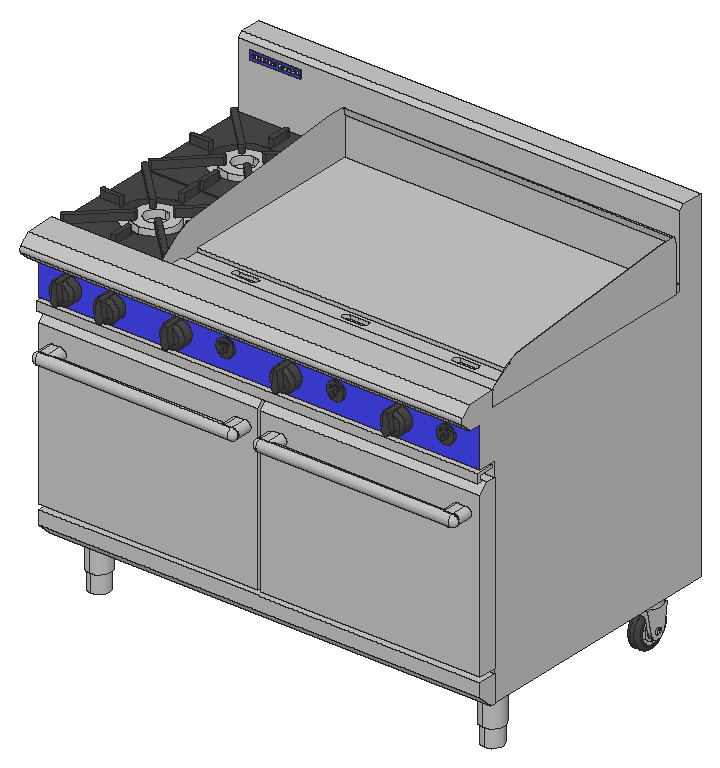
Revit family "QF_MOFFAT_BLUESEAL_CE_G528A", category Specialty Equipment, Revit 2012
Parameters
  Width = 1200 mm
  Weight in Pounds = 664  # constant formula
  URL Cutsheet = "www.moffat.com"
  URL = "www.moffat.com"
  Type Mark [instance] = ""
  Status [instance] = ""
  Specification by User [instance] = ""
  Specification by Manufacturer = ""
  Show Logo [instance] = yes
  Show Clearance [instance] = yes
  Show Casters [instance] = yes
  Serial Number = ""
  Seismic Rating = ""
  SMACNA No = ""
  Revision Code [instance] = ""
  Omniclass Number and Title = ""
  NAFEM Spec ID Number = ""
  Model = "G528A"
  Mechanical Remarks = ""
  Mechanical Connection Type [instance] = ""
  Masterspec = ""
  Manufacturer = "MOFFAT BLUESEAL"
  Legs [instance] = not(Show Casters)  # no
  Item Number [instance] = ""
  Installed By [instance] = ""
  Identify Quantity as Lot [instance] = yes
  Height = 970 mm
  Gas Size = 3/4"
  Gas RI Height [instance] = 0 mm
  Gas KW [instance] = 45.2
  Gas Input [instance] = 154000.0 Btu/h
  Gas Connection Height = 0 mm
  Furnished By [instance] = ""
  Foodservice Equipment Identifier [instance] = yes
  Description = "1200MM GAS RANGE WITH DOUBLE STATIC OVENS"
  Depth = 812 mm
  CSI MasterFormat = ""
  CSI Master Format = ""
  Body Finish = QF_Finishes_Stainless Steel
Reference planes
  plane 1 "BACK": y = 0
  plane 2: z = 0
  plane 3 "LEFT": x = 0
  plane 4 "RIGHT": x = 1200
  plane 5 "FRONT": y = -812
  plane 6 "TOP": z = 970
  plane 7 "Center Y": x = 600
  plane 8 "Center X": y = -406
  plane 9: y = -805
  plane 10: y = -32
  plane 11: z = 655
  plane 12: z = 1085
  plane 13: y = -100
  plane 14: y = -625
  plane 15: x = 1134.5
  plane 16: x = 65.5
Forms (mm)
  Extrusion 1, solid, material "QF_Finishes_Stainless Steel" <- "Body Finish"
    sketch origin (0, 0, 0) x (0, 1, 0) y (0, 0, 1)
      loop
        line (0, 150) -> (0, 1085) -> (-57.5, 1085) -> (-70, 1072.5) -> (-70, 875) -> (-705, 875) -> (-705, 915) -> (-783.97, 915) -> (-808.485, 890.485)
        arc (-808.485, 890.485) -> (-811.999, 882) -> (-808.485, 873.515) r 12
        line (-808.485, 873.515) -> (-784.97, 850) -> (-749, 850) -> (-749, 740) -> (-699, 740) -> (-699, 150) -> (0, 150)
      loop
        line (-756, 710) -> (-747.224, 710) -> (-749.613, 726.999) -> (-707.93, 726.999) -> (-707.93, 734.003) -> (-756, 734.003) -> (-756, 710)
      loop
        line (-749, 186) -> (-713, 150) -> (-700, 150) -> (-700, 222.5) -> (-749, 222.5) -> (-749, 186)
    from 0 to 1200
  Extrusion 2, solid, material "QF_Finishes_Stainless Steel"
    sketch origin (0, 0, 0) x (0, 1, 0) y (0, 0, 1)
      loop
        line (-749, 676) -> (-749, 235) -> (-700, 235) -> (-700, 700) -> (-725, 700) -> (-749, 676)
    from 0 to 1200
  Revolve 3, solid, material "QF_Finishes_Stainless Steel" <- "Body Finish"
    sketch origin (1134.5, -696.126, 0) x (0, 1, 0) y (0, 0, -1)
      loop
        line (39.376, -150) -> (71.126, -150) -> (71.126, 0) -> (43.626, 0) -> (43.626, -50) -> (39.376, -50) -> (39.376, -150)
      axis (71.126, -150) -> (71.126, 0)
    angle from 0 to 360
  Revolve 4, solid, material "QF_Finishes_Stainless Steel" <- "Body Finish"
    sketch origin (65.5, -696.126, 0) x (0, 1, 0) y (0, 0, 1)
      loop
        line (39.376, 150) -> (39.376, 50) -> (43.626, 50) -> (43.626, 0) -> (71.126, 0) -> (71.126, 150) -> (39.376, 150)
      axis (71.126, 150) -> (71.126, 0)
    angle from 0 to 360
  Extrusion 5, solid, material "QF_Finishes_Stainless Steel"
    sketch origin (-64.5, 0, 325) x (1, 0, 0) y (0, 1, 0)
      loop
        circle (1134.5, -34) r 10
    from 330 to 374.856
  Revolve 6, solid, material "QF_Finishes_Black"
    sketch origin (90.337, 45.874, -0.078) x (0, 1, 0) y (0, 0, -1)
      loop
        line (-827.874, -829.5) -> (-804.874, -829.5) -> (-804.874, -802) -> (-794.874, -802) -> (-794.874, -797) -> (-838.874, -797) -> (-838.874, -823.651) -> (-827.874, -829.5)
      axis (-838.874, -797) -> (-794.874, -797)
    angle from 0 to 360
  Revolve 7, solid, material "QF_Finishes_Black"
    sketch origin (210.649, 45.874, -0.078) x (0, 1, 0) y (0, 0, -1)
      loop
        line (-827.874, -829.5) -> (-804.874, -829.5) -> (-804.874, -802) -> (-794.874, -802) -> (-794.874, -797) -> (-838.874, -797) -> (-838.874, -823.651) -> (-827.874, -829.5)
      axis (-838.874, -797) -> (-794.874, -797)
    angle from 0 to 360
  Extrusion 8, solid, material "QF_Finishes_Black"
    sketch origin (238.144, 0, -0.078) x (-1, 0, 0) y (0, 0, -1)
      loop
        line (137.724, -786.273) -> (143.145, -829.191)
        arc (143.145, -829.191) -> (148.144, -834.078) -> (153.142, -829.191) r 5
        line (153.142, -829.191) -> (158.631, -785.106)
        arc (158.631, -785.106) -> (147.559, -774.607) -> (137.724, -786.273) r 10.487
    from 759 to 808
  Extrusion 9, void
    sketch origin (0, -756, 676) x (0, 0, 1) y (1, 0, 0)
      loop
        line (24, 595.449) -> (24, 604.551) -> (-453.5, 604.551) -> (-453.5, 595.449) -> (24, 595.449)
    from 0 to 51
  Revolve 10, solid, material "QF_Finishes_Black"
    sketch origin (390.649, 45.874, -0.078) x (0, 1, 0) y (0, 0, -1)
      loop
        line (-827.874, -829.5) -> (-804.874, -829.5) -> (-804.874, -802) -> (-794.874, -802) -> (-794.874, -797) -> (-838.874, -797) -> (-838.874, -823.651) -> (-827.874, -829.5)
      axis (-838.874, -797) -> (-794.874, -797)
    angle from 0 to 360
  Revolve 11, solid, material "QF_Finishes_Black"
    sketch origin (690.649, 45.874, -0.078) x (0, 1, 0) y (0, 0, -1)
      loop
        line (-827.874, -829.5) -> (-804.874, -829.5) -> (-804.874, -802) -> (-794.874, -802) -> (-794.874, -797) -> (-838.874, -797) -> (-838.874, -823.651) -> (-827.874, -829.5)
      axis (-838.874, -797) -> (-794.874, -797)
    angle from 0 to 360
  Revolve 12, solid, material "QF_Finishes_Black"
    sketch origin (990.649, 45.874, -0.078) x (0, 1, 0) y (0, 0, -1)
      loop
        line (-827.874, -829.5) -> (-804.874, -829.5) -> (-804.874, -802) -> (-794.874, -802) -> (-794.874, -797) -> (-838.874, -797) -> (-838.874, -823.651) -> (-827.874, -829.5)
      axis (-838.874, -797) -> (-794.874, -797)
    angle from 0 to 360
  Extrusion 13, solid, material "QF_Door-Drawer Clearances", visible <- "Show Clearance", detail levels coarse
    sketch origin (762.865, 0, 0) x (0, 1, 0) y (0, 0, 1)
      loop
        arc (-756, 697.347) -> (-1088.232, 559.732) -> (-1225.847, 227.5) r 469.847
        line (-1225.847, 227.5) -> (-756, 227.5) -> (-756, 697.347)
    from -167.415 to -762.865
  Extrusion 14, solid, material "QF_Door-Drawer Clearances", visible <- "Show Clearance", detail levels coarse
    sketch origin (437.135, 0, 0) x (0, 1, 0) y (0, 0, -1)
      loop
        line (-756, -697.347) -> (-756, -227.5) -> (-1225.847, -227.5)
        arc (-1225.847, -227.5) -> (-1088.232, -559.732) -> (-756, -697.347) r 469.847
    from -167.415 to -762.865
  Extrusion 15, void
    sketch origin (0, 0, 150) x (-1, 0, 0) y (0, -1, 0)
      loop
        line (-1133.988, 87.26) -> (-1133.988, -30.24) -> (-1004.488, -30.24) -> (-1004.488, 38.76) -> (-1052.988, 87.26) -> (-1133.988, 87.26)
    from 72.5 to 549.856
  Extrusion 16, solid, material "QF_Finishes_Stainless Steel"
    sketch origin (0, -749, 227.5) x (0, 0, 1) y (-1, 0, 0)
      loop
        line (380.625, -38.246) -> (380.625, -58.528)
        arc (380.625, -58.528) -> (395.625, -73.528) -> (410.625, -58.528) r 15
        line (410.625, -58.528) -> (410.625, -38.246)
        arc (410.625, -38.246) -> (395.625, -23.246) -> (380.625, -38.246) r 15
      loop
        arc (380.625, -560.539) -> (395.625, -575.539) -> (410.625, -560.539) r 15
        line (410.625, -560.539) -> (410.625, -540.257)
        arc (410.625, -540.257) -> (395.625, -525.257) -> (380.625, -540.257) r 15
        line (380.625, -540.257) -> (380.625, -560.539)
    from 0 to 44
  Revolve 17, solid, material "QF_Finishes_Stainless Steel"
    sketch origin (0, -793, 0) x (1, 0, 0) y (0, 0, 1)
      loop
        arc (575.852, 623.125) -> (571.458, 633.732) -> (560.852, 638.125) r 15
        line (560.852, 638.125) -> (38.246, 638.125)
        arc (38.246, 638.125) -> (27.64, 633.732) -> (23.246, 623.125) r 15
        line (23.246, 623.125) -> (575.852, 623.125)
      axis (575.852, 623.125) -> (23.246, 623.125)
    angle from 0 to 360
  Extrusion 18, solid, material "QF_Finishes_Stainless Steel"
    sketch origin (600, -749, 227.5) x (0, 0, 1) y (-1, 0, 0)
      loop
        line (380.625, -38.246) -> (380.625, -58.528)
        arc (380.625, -58.528) -> (395.625, -73.528) -> (410.625, -58.528) r 15
        line (410.625, -58.528) -> (410.625, -38.246)
        arc (410.625, -38.246) -> (395.625, -23.246) -> (380.625, -38.246) r 15
      loop
        arc (380.625, -560.539) -> (395.625, -575.539) -> (410.625, -560.539) r 15
        line (410.625, -560.539) -> (410.625, -540.257)
        arc (410.625, -540.257) -> (395.625, -525.257) -> (380.625, -540.257) r 15
        line (380.625, -540.257) -> (380.625, -560.539)
    from 0 to 44
  Revolve 19, solid, material "QF_Finishes_Stainless Steel"
    sketch origin (600, -793, 0) x (1, 0, 0) y (0, 0, 1)
      loop
        arc (575.852, 623.125) -> (571.458, 633.732) -> (560.852, 638.125) r 15
        line (560.852, 638.125) -> (38.246, 638.125)
        arc (38.246, 638.125) -> (27.64, 633.732) -> (23.246, 623.125) r 15
        line (23.246, 623.125) -> (575.852, 623.125)
      axis (575.852, 623.125) -> (23.246, 623.125)
    angle from 0 to 360
  Revolve 20, solid, material "QF_Finishes_Stainless Steel", visible <- "Legs"
    sketch origin (65.5, -166, 0) x (0, 1, 0) y (0, 0, 1)
      loop
        line (34.25, 150) -> (34.25, 50) -> (38.5, 50) -> (38.5, 0) -> (66, 0) -> (66, 150) -> (34.25, 150)
      axis (66, 150) -> (66, 0)
    angle from 0 to 360
  Revolve 21, solid, material "QF_Finishes_Stainless Steel", visible <- "Show Casters"
    sketch origin (16.276, -100.755, -12.8) x (1, 0, 0) y (0, 0, 1)
      loop
        line (14.841, 63.604) -> (83.584, 63.604) -> (83.584, 67.109) -> (82.314, 68.379) -> (80.79, 68.379) -> (80.79, 71.826) -> (68.644, 71.826) -> (68.644, 81.79) -> (65.088, 83.843) -> (63.738, 92.179) -> (65.881, 92.179) -> (65.881, 98.529) -> (65.088, 98.529) -> (65.088, 104.879)
        arc (65.088, 104.879) -> (62.298, 111.614) -> (55.563, 114.404) r 9.525
        line (55.563, 114.404) -> (42.863, 114.404)
        arc (42.863, 114.404) -> (36.127, 111.614) -> (33.338, 104.879) r 9.525
        line (33.338, 104.879) -> (33.338, 98.529) -> (32.544, 98.529) -> (32.544, 92.179) -> (34.687, 92.179) -> (33.352, 83.932) -> (29.782, 81.871) -> (29.782, 71.826) -> (17.635, 71.826) -> (17.635, 68.379) -> (16.111, 68.379) -> (14.841, 67.109) -> (14.841, 63.604)
      axis (14.841, 63.604) -> (83.584, 63.604)
    angle from 0 to 360
  Extrusion 22, solid, material "QF_Finishes_Stainless Steel", visible <- "Show Casters"
    sketch origin (72.001, 132.353, -8.783) x (0, 1, 0) y (0, 0, 1)
      loop
        line (-200.603, 118.783) -> (-264.103, 118.783) -> (-251.746, 53.895)
        arc (-251.746, 53.895) -> (-232.353, 38.783) -> (-212.959, 53.895) r 20
        line (-212.959, 53.895) -> (-200.603, 118.783)
    from -35.667 to 22.923
  Revolve 23, solid, material "QF_Finishes_Stainless Steel", visible <- "Show Casters"
    sketch origin (65.5, -204, 0) x (0, 1, 0) y (0, 0, 1)
      loop
        line (68.25, 150) -> (68.25, 110) -> (104, 110) -> (104, 150) -> (68.25, 150)
      axis (104, 150) -> (104, 110)
    angle from 0 to 360
  Revolve 24, solid, material "QF_Finishes_Stainless Steel", visible <- "Legs"
    sketch origin (65.5, -166, 0) x (0, 1, 0) y (0, 0, 1)
      loop
        line (34.25, 150) -> (34.25, 50) -> (38.5, 50) -> (38.5, 0) -> (66, 0) -> (66, 150) -> (34.25, 150)
      axis (66, 150) -> (66, 0)
    angle from 0 to 360
  Revolve 25, solid, material "QF_Finishes_Stainless Steel", visible <- "Legs"
    sketch origin (1134.5, -166, 0) x (0, 1, 0) y (0, 0, -1)
      loop
        line (34.25, -150) -> (66, -150) -> (66, 0) -> (38.5, 0) -> (38.5, -50) -> (34.25, -50) -> (34.25, -150)
      axis (66, -150) -> (66, 0)
    angle from 0 to 360
  Revolve 26, solid, material "QF_Finishes_Stainless Steel", visible <- "Show Casters"
    sketch origin (1183.724, -100.755, -12.8) x (-1, 0, 0) y (0, 0, -1)
      loop
        line (14.841, -63.604) -> (14.841, -67.109) -> (16.111, -68.379) -> (17.635, -68.379) -> (17.635, -71.826) -> (29.782, -71.826) -> (29.782, -81.871) -> (33.352, -83.932) -> (34.687, -92.179) -> (32.544, -92.179) -> (32.544, -98.529) -> (33.338, -98.529) -> (33.338, -104.879)
        arc (33.338, -104.879) -> (36.127, -111.614) -> (42.863, -114.404) r 9.525
        line (42.863, -114.404) -> (55.563, -114.404)
        arc (55.563, -114.404) -> (62.298, -111.614) -> (65.088, -104.879) r 9.525
        line (65.088, -104.879) -> (65.088, -98.529) -> (65.881, -98.529) -> (65.881, -92.179) -> (63.738, -92.179) -> (65.088, -83.843) -> (68.644, -81.79) -> (68.644, -71.826) -> (80.79, -71.826) -> (80.79, -68.379) -> (82.314, -68.379) -> (83.584, -67.109) -> (83.584, -63.604) -> (14.841, -63.604)
      axis (14.841, -63.604) -> (83.584, -63.604)
    angle from 0 to 360
  Extrusion 27, solid, material "QF_Finishes_Stainless Steel", visible <- "Show Casters"
    sketch origin (1127.999, 132.353, -8.783) x (0, 1, 0) y (0, 0, -1)
      loop
        line (-200.603, -118.783) -> (-212.959, -53.895)
        arc (-212.959, -53.895) -> (-232.353, -38.783) -> (-251.746, -53.895) r 20
        line (-251.746, -53.895) -> (-264.103, -118.783) -> (-200.603, -118.783)
    from -35.667 to 22.923
  Revolve 28, solid, material "QF_Finishes_Stainless Steel", visible <- "Show Casters"
    sketch origin (1134.5, -204, 0) x (0, 1, 0) y (0, 0, -1)
      loop
        line (68.25, -150) -> (104, -150) -> (104, -110) -> (68.25, -110) -> (68.25, -150)
      axis (104, -150) -> (104, -110)
    angle from 0 to 360
  Revolve 29, solid, material "QF_Finishes_Stainless Steel", visible <- "Legs"
    sketch origin (1134.5, -166, 0) x (0, 1, 0) y (0, 0, -1)
      loop
        line (34.25, -150) -> (66, -150) -> (66, 0) -> (38.5, 0) -> (38.5, -50) -> (34.25, -50) -> (34.25, -150)
      axis (66, -150) -> (66, 0)
    angle from 0 to 360
  Extrusion 30, solid, material "QF_Finishes_Black"
    sketch origin (358.456, 0, -0.078) x (-1, 0, 0) y (0, 0, -1)
      loop
        line (137.724, -786.273) -> (143.145, -829.191)
        arc (143.145, -829.191) -> (148.144, -834.078) -> (153.142, -829.191) r 5
        line (153.142, -829.191) -> (158.631, -785.106)
        arc (158.631, -785.106) -> (147.559, -774.607) -> (137.724, -786.273) r 10.487
    from 759 to 808
  Extrusion 31, solid, material "QF_Finishes_Black"
    sketch origin (538.456, 0, -0.078) x (-1, 0, 0) y (0, 0, -1)
      loop
        line (137.724, -786.273) -> (143.145, -829.191)
        arc (143.145, -829.191) -> (148.144, -834.078) -> (153.142, -829.191) r 5
        line (153.142, -829.191) -> (158.631, -785.106)
        arc (158.631, -785.106) -> (147.559, -774.607) -> (137.724, -786.273) r 10.487
    from 759 to 808
  Extrusion 32, solid, material "QF_Finishes_Black"
    sketch origin (838.456, 0, -0.078) x (-1, 0, 0) y (0, 0, -1)
      loop
        line (137.724, -786.273) -> (143.145, -829.191)
        arc (143.145, -829.191) -> (148.144, -834.078) -> (153.142, -829.191) r 5
        line (153.142, -829.191) -> (158.631, -785.106)
        arc (158.631, -785.106) -> (147.559, -774.607) -> (137.724, -786.273) r 10.487
    from 759 to 808
  Extrusion 33, solid, material "QF_Finishes_Black"
    sketch origin (1138.456, 0, -0.078) x (-1, 0, 0) y (0, 0, -1)
      loop
        line (137.724, -786.273) -> (143.145, -829.191)
        arc (143.145, -829.191) -> (148.144, -834.078) -> (153.142, -829.191) r 5
        line (153.142, -829.191) -> (158.631, -785.106)
        arc (158.631, -785.106) -> (147.559, -774.607) -> (137.724, -786.273) r 10.487
    from 759 to 808
  Extrusion 34, solid, material "QF_Finishes_Black"
    sketch origin (0, -749, 850) x (0, 0, -1) y (1, 0, 0)
      loop
        circle (53, 810) r 23.9
      loop
        circle (53, 1110) r 23.9
      loop
        arc (45.641, 1118.419) -> (46.501, 1123.219) -> (41.701, 1124.079) r 3.448
        arc (41.701, 1124.079) -> (35.116, 1109.341) -> (42.919, 1095.209) r 18.095
        arc (42.919, 1095.209) -> (47.641, 1096.491) -> (46.326, 1101.204) r 3.448
        arc (46.326, 1101.204) -> (42.758, 1109.683) -> (45.641, 1118.419) r 13.109
      loop
        arc (45.641, 818.419) -> (46.501, 823.219) -> (41.701, 824.079) r 3.448
        arc (41.701, 824.079) -> (35.116, 809.341) -> (42.919, 795.209) r 18.095
        arc (42.919, 795.209) -> (47.641, 796.491) -> (46.326, 801.204) r 3.448
        arc (46.326, 801.204) -> (42.758, 809.683) -> (45.641, 818.419) r 13.109
      loop
        circle (53, 510) r 23.9
      loop
        arc (45.641, 518.419) -> (46.501, 523.219) -> (41.701, 524.079) r 3.448
        arc (41.701, 524.079) -> (35.116, 509.341) -> (42.919, 495.209) r 18.095
        arc (42.919, 495.209) -> (47.641, 496.491) -> (46.326, 501.204) r 3.448
        arc (46.326, 501.204) -> (42.758, 509.683) -> (45.641, 518.419) r 13.109
    from 0 to 5
  Extrusion 35, solid, material "QF_Finishes_Black"
    sketch origin (0, -754, 850) x (0, 0, -1) y (1, 0, 0)
      loop
        circle (56.5, 810) r 5.75
      loop
        circle (56.5, 1110) r 5.75
      loop
        circle (56.5, 510) r 5.75
    from 0 to 10
Cuts and joins
  Extrusion 9, Extrusion 15 cuts Extrusion 1
  Extrusion 9 cuts Extrusion 2
Lines and regions (mm)
  Split face 1
    outline origin (1200, 0, 1085) x (-1, 0, 0) y (0, -1, 0)
      loop
        arc (35.206, 45.385) -> (26.545, 40.385) -> (26.545, 30.385) r 10
        line (26.545, 30.385) -> (30.587, 23.385)
        arc (30.587, 23.385) -> (34.247, 19.725) -> (39.247, 18.385) r 10
        line (39.247, 18.385) -> (267.206, 18.385)
        arc (267.206, 18.385) -> (275.866, 23.385) -> (275.866, 33.385) r 10
        line (275.866, 33.385) -> (271.824, 40.385)
        arc (271.824, 40.385) -> (268.164, 44.045) -> (263.164, 45.385) r 10
        line (263.164, 45.385) -> (35.206, 45.385)
  Split face 2
    outline origin (1200, 0, 1085) x (-1, 0, 0) y (0, -1, 0)
      loop
        arc (335.206, 45.385) -> (326.545, 40.385) -> (326.545, 30.385) r 10
        line (326.545, 30.385) -> (330.587, 23.385)
        arc (330.587, 23.385) -> (334.247, 19.725) -> (339.247, 18.385) r 10
        line (339.247, 18.385) -> (567.206, 18.385)
        arc (567.206, 18.385) -> (575.866, 23.385) -> (575.866, 33.385) r 10
        line (575.866, 33.385) -> (571.824, 40.385)
        arc (571.824, 40.385) -> (568.164, 44.045) -> (563.164, 45.385) r 10
        line (563.164, 45.385) -> (335.206, 45.385)
  Split face 3
    outline origin (1200, 0, 1085) x (-1, 0, 0) y (0, -1, 0)
      loop
        arc (635.206, 45.385) -> (626.545, 40.385) -> (626.545, 30.385) r 10
        line (626.545, 30.385) -> (630.587, 23.385)
        arc (630.587, 23.385) -> (634.247, 19.725) -> (639.247, 18.385) r 10
        line (639.247, 18.385) -> (867.206, 18.385)
        arc (867.206, 18.385) -> (875.866, 23.385) -> (875.866, 33.385) r 10
        line (875.866, 33.385) -> (871.824, 40.385)
        arc (871.824, 40.385) -> (868.164, 44.045) -> (863.164, 45.385) r 10
        line (863.164, 45.385) -> (635.206, 45.385)
  Split face 4
    outline origin (1200, 0, 1085) x (-1, 0, 0) y (0, -1, 0)
      loop
        arc (935.206, 45.385) -> (926.545, 40.385) -> (926.545, 30.385) r 10
        line (926.545, 30.385) -> (930.587, 23.385)
        arc (930.587, 23.385) -> (934.247, 19.725) -> (939.247, 18.385) r 10
        line (939.247, 18.385) -> (1167.206, 18.385)
        arc (1167.206, 18.385) -> (1175.866, 23.385) -> (1175.866, 33.385) r 10
        line (1175.866, 33.385) -> (1171.824, 40.385)
        arc (1171.824, 40.385) -> (1168.164, 44.045) -> (1163.164, 45.385) r 10
        line (1163.164, 45.385) -> (935.206, 45.385)
  symbolic lines, style "QF_Door-Drawer Clearances", visible <- "Show Clearance"
    curve 1: line (0, -1225.847, 0) -> (595.449, -1225.847, 0)
    curve 2: line (595.449, -1225.847, 0) -> (595.449, -812, 0)
    curve 3: line (0, -1225.847, 0) -> (0, -812, 0)
    curve 4: line (1200, -1225.847, 0) -> (604.551, -1225.847, 0)
    curve 5: line (604.551, -1225.847, 0) -> (604.551, -812, 0)
    curve 6: line (1200, -1225.847, 0) -> (1200, -812, 0)
  symbolic lines, style "SpecialityEquipmentHiddenLines", visible <- "Show Casters"
    curve 7: line (78.456, -46.735, 0) -> (105.952, -62.61, 0)
    curve 8: line (27.656, -134.723, 0) -> (78.456, -46.735, 0)
    curve 9: line (55.152, -150.598, 0) -> (27.656, -134.723, 0)
    curve 10: line (105.952, -62.61, 0) -> (55.152, -150.598, 0)
    curve 11: line (1125.152, -150.598, 0) -> (1097.656, -134.723, 0)
    curve 12: line (1175.952, -62.61, 0) -> (1125.152, -150.598, 0)
    curve 13: line (1148.456, -46.735, 0) -> (1097.656, -134.723, 0)
    curve 14: line (1175.952, -62.61, 0) -> (1148.456, -46.735, 0)
  symbolic lines
    curve 15: line (32.794, -18.385, 0) -> (260.753, -18.385, 0)
    curve 16: arc (260.753, -18.385, 0) -> (265.753, -19.725, 0) -> (269.413, -23.385, 0) r 10
    curve 17: line (269.413, -23.385, 0) -> (273.455, -30.385, 0)
    curve 18: arc (273.455, -30.385, 0) -> (273.455, -40.385, 0) -> (264.794, -45.385, 0) r 10
    curve 19: line (264.794, -45.385, 0) -> (36.836, -45.385, 0)
    curve 20: arc (36.836, -45.385, 0) -> (31.836, -44.045, 0) -> (28.176, -40.385, 0) r 10
    curve 21: line (28.176, -40.385, 0) -> (24.134, -33.385, 0)
    curve 22: arc (24.134, -33.385, 0) -> (24.134, -23.385, 0) -> (32.794, -18.385, 0) r 10
    curve 23: line (332.794, -18.385, 0) -> (560.753, -18.385, 0)
    curve 24: arc (560.753, -18.385, 0) -> (565.753, -19.725, 0) -> (569.413, -23.385, 0) r 10
    curve 25: line (569.413, -23.385, 0) -> (573.455, -30.385, 0)
    curve 26: arc (573.455, -30.385, 0) -> (573.455, -40.385, 0) -> (564.794, -45.385, 0) r 10
    curve 27: line (564.794, -45.385, 0) -> (336.836, -45.385, 0)
    curve 28: arc (336.836, -45.385, 0) -> (331.836, -44.045, 0) -> (328.176, -40.385, 0) r 10
    curve 29: line (328.176, -40.385, 0) -> (324.134, -33.385, 0)
    curve 30: arc (324.134, -33.385, 0) -> (324.134, -23.385, 0) -> (332.794, -18.385, 0) r 10
    curve 31: line (860.753, -18.385, 0) -> (632.794, -18.385, 0)
    curve 32: arc (632.794, -18.385, 0) -> (624.134, -23.385, 0) -> (624.134, -33.385, 0) r 10
    curve 33: line (624.134, -33.385, 0) -> (628.176, -40.385, 0)
    curve 34: arc (628.176, -40.385, 0) -> (631.836, -44.045, 0) -> (636.836, -45.385, 0) r 10
    curve 35: line (636.836, -45.385, 0) -> (864.794, -45.385, 0)
    curve 36: arc (864.794, -45.385, 0) -> (873.455, -40.385, 0) -> (873.455, -30.385, 0) r 10
    curve 37: line (873.455, -30.385, 0) -> (869.413, -23.385, 0)
    curve 38: arc (869.413, -23.385, 0) -> (865.753, -19.725, 0) -> (860.753, -18.385, 0) r 10
    curve 39: line (1160.753, -18.385, 0) -> (932.794, -18.385, 0)
    curve 40: arc (932.794, -18.385, 0) -> (924.134, -23.385, 0) -> (924.134, -33.385, 0) r 10
    curve 41: line (924.134, -33.385, 0) -> (928.176, -40.385, 0)
    curve 42: arc (928.176, -40.385, 0) -> (931.836, -44.045, 0) -> (936.836, -45.385, 0) r 10
    curve 43: line (936.836, -45.385, 0) -> (1164.794, -45.385, 0)
    curve 44: arc (1164.794, -45.385, 0) -> (1173.455, -40.385, 0) -> (1173.455, -30.385, 0) r 10
    curve 45: line (1173.455, -30.385, 0) -> (1169.413, -23.385, 0)
    curve 46: arc (1169.413, -23.385, 0) -> (1165.753, -19.725, 0) -> (1160.753, -18.385, 0) r 10
    curve 47: line (0, -783.97, 0) -> (1200, -783.97, 0)
    curve 48: line (0, -812, 0) -> (1200, -812, 0)
    curve 49: line (1200, 0, 0) -> (0, 0, 0)
    curve 50: line (0, 0, 0) -> (0, -812, 0)
    curve 51: line (0, -57.5, 0) -> (1200, -57.5, 0)
    curve 52: line (0, -70, 0) -> (1200, -70, 0)
    curve 53: line (1200, -812, 0) -> (1200, 0, 0)
Dimensions and locks
  equal spacing: plane 3 "LEFT", plane 7 "Center Y", plane 4 "RIGHT"
  "Width": plane 3 "LEFT" to plane 4 "RIGHT"
  equal spacing: plane 5 "FRONT", plane 8 "Center X", plane 1 "BACK"
  "Depth": plane 5 "FRONT" to plane 1 "BACK"
  equal spacing: plane 4 "RIGHT", plane 7 "Center Y", plane 3 "LEFT"
  plane 4 "RIGHT" to plane 3 "LEFT" = 1200 mm
  "Height": plane 6 "TOP" to level
  plane 5 "FRONT" to plane 1 "BACK" = 812 mm
  plane 9 to plane 5 "FRONT" = 7 mm
  plane 6 "TOP" to plane 2 = 970 mm
  plane 12 to plane 2 = 1085 mm
  Extrusion 5 sketch curve to plane 4 "RIGHT" = 130 mm
  Extrusion 5 sketch curve to plane 1 "BACK" = 34 mm
  level to Extrusion 5 = 655 mm
  Revolve 21 sketch curve to Revolve 21 sketch curve = 50.8 mm
  Revolve 26 sketch curve to Revolve 26 sketch curve = 50.8 mm
  aligned and locked: level to plane 2
  aligned and locked: Extrusion 1 to plane 4 "RIGHT"
  aligned and locked: Extrusion 2 to plane 4 "RIGHT"
  aligned and locked: cut or joined group of Extrusion 2, Extrusion 9 to Extrusion 13
Automatic sketch dimensions
  Extrusion 1 sketch curve to plane 12 = 0 mm
  Extrusion 1 sketch curve to plane 1 "BACK" = 0 mm
  Extrusion 1 sketch curve to plane 10 = 25.5 mm
  plane 13 to Extrusion 1 sketch curve = 30 mm
  Extrusion 1 sketch curve to plane 14 = 74 mm
  Extrusion 1 sketch curve to Extrusion 1 sketch curve = 1 mm
  Extrusion 1 sketch curve to plane 14 = 80 mm
  Extrusion 1 sketch curve to Extrusion 1 sketch curve = 8.93 mm
  Extrusion 1 sketch curve to Extrusion 1 sketch curve = 13 mm
  Extrusion 1 sketch curve to Extrusion 1 sketch curve = 39.294 mm
  Extrusion 1 sketch curve to Extrusion 1 sketch curve = 36 mm  (x2)
  Extrusion 1 sketch curve to Extrusion 1 sketch curve = 44 mm
  Extrusion 1 sketch curve to Extrusion 1 sketch curve = 0.613 mm
  Extrusion 1 sketch curve to Extrusion 1 sketch curve = 8.776 mm
  plane 9 to Extrusion 1 sketch curve = 21.03 mm
  plane 9 to Extrusion 1 sketch curve = 20.03 mm
  plane 9 to Extrusion 1 sketch curve = 5.001 mm
  Extrusion 1 sketch curve to plane 9 = 3.485 mm  (x2)
  Extrusion 1 sketch curve to plane 12 = 12.5 mm
  Extrusion 1 sketch curve to plane 6 "TOP" = 55 mm
  Extrusion 1 sketch curve to Extrusion 1 sketch curve = 24.515 mm
  Extrusion 1 sketch curve to Extrusion 1 sketch curve = 8.485 mm
  Extrusion 1 sketch curve to Extrusion 1 sketch curve = 40 mm
  Extrusion 1 sketch curve to Extrusion 1 sketch curve = 25 mm
  plane 11 to Extrusion 1 sketch curve = 85 mm
  Extrusion 1 sketch curve to Extrusion 1 sketch curve = 5.997 mm
  Extrusion 1 sketch curve to Extrusion 1 sketch curve = 7.004 mm
  Extrusion 1 sketch curve to Extrusion 1 sketch curve = 16.999 mm
  level to Extrusion 1 sketch curve = 222.5 mm
  Extrusion 1 sketch curve to Extrusion 1 sketch curve = 36.5 mm
  Extrusion 1 sketch curve to Extrusion 1 sketch curve = 0 mm
  plane 11 to Extrusion 2 sketch curve = 21 mm
  plane 9 to Extrusion 2 sketch curve = 56 mm
  Extrusion 2 sketch curve to Extrusion 2 sketch curve = 24 mm  (x2)
  Extrusion 2 sketch curve to Extrusion 2 sketch curve = 25 mm
  level to Extrusion 2 sketch curve = 235 mm
  Revolve 3 sketch curve to level = 0 mm
  Revolve 3 sketch curve to plane 14 = 0 mm  (x2)
  Revolve 3 sketch curve to Revolve 3 sketch curve = 27.5 mm
  Revolve 3 sketch curve to Revolve 3 sketch curve = 31.75 mm
  level to Revolve 3 sketch curve = 50 mm
  Revolve 3 sketch curve to Revolve 3 sketch curve = 0 mm
  Revolve 3 sketch curve to Revolve 3 sketch curve = 100 mm
  Revolve 3 sketch curve to Revolve 3 sketch curve = 55 mm
  Revolve 4 sketch curve to level = 0 mm
  Revolve 4 sketch curve to plane 14 = 0 mm  (x2)
  Revolve 4 sketch curve to Revolve 4 sketch curve = 27.5 mm
  Revolve 4 sketch curve to Revolve 4 sketch curve = 31.75 mm
  Revolve 4 sketch curve to level = 55 mm
  Revolve 4 sketch curve to Revolve 4 sketch curve = 50 mm
  Revolve 4 sketch curve to Revolve 4 sketch curve = 0 mm
  Revolve 4 sketch curve to Revolve 4 sketch curve = 100 mm
  plane 9 to Revolve 6 sketch curve = 12 mm
  Revolve 6 sketch curve to Revolve 6 sketch curve = 0 mm  (x2)
  Revolve 6 sketch curve to Revolve 6 sketch curve = 11 mm
  Revolve 6 sketch curve to Revolve 6 sketch curve = 12.7 mm
  Revolve 6 sketch curve to Revolve 6 sketch curve = 23 mm
  Revolve 6 sketch curve to Revolve 6 sketch curve = 10 mm
  Revolve 6 sketch curve to plane 6 "TOP" = 140.578 mm
  Revolve 6 sketch curve to Revolve 6 sketch curve = 5.849 mm
  Revolve 6 sketch curve to Revolve 6 sketch curve = 27.5 mm
  Revolve 6 sketch curve to Revolve 6 sketch curve = 5 mm
  plane 9 to Revolve 7 sketch curve = 12 mm
  Revolve 7 sketch curve to Revolve 7 sketch curve = 0 mm  (x2)
  Revolve 7 sketch curve to Revolve 7 sketch curve = 11 mm
  Revolve 7 sketch curve to Revolve 7 sketch curve = 12.7 mm
  Revolve 7 sketch curve to Revolve 7 sketch curve = 23 mm
  Revolve 7 sketch curve to Revolve 7 sketch curve = 10 mm
  Revolve 7 sketch curve to plane 6 "TOP" = 140.578 mm
  Revolve 7 sketch curve to Revolve 7 sketch curve = 5.849 mm
  Revolve 7 sketch curve to Revolve 7 sketch curve = 27.5 mm
  Revolve 7 sketch curve to Revolve 7 sketch curve = 5 mm
  plane 16 to Extrusion 8 sketch curve = 34.919 mm
  plane 16 to Extrusion 8 sketch curve = 29.499 mm
  Extrusion 8 sketch curve to Extrusion 8 sketch curve = 10.419 mm
  Extrusion 8 sketch curve to Extrusion 8 sketch curve = 4.999 mm  (x2)
  Extrusion 8 sketch curve to Extrusion 8 sketch curve = 10.487 mm
  Extrusion 8 sketch curve to plane 6 "TOP" = 140.887 mm
  Extrusion 8 sketch curve to Extrusion 8 sketch curve = 0.113 mm
  Extrusion 8 sketch curve to Extrusion 8 sketch curve = 42.919 mm
  Extrusion 8 sketch curve to Extrusion 8 sketch curve = 1.167 mm
  plane 7 "Center Y" to Extrusion 9 sketch curve = 4.551 mm
  level to Extrusion 9 sketch curve = 222.5 mm
  plane 11 to Extrusion 9 sketch curve = 45 mm
  Extrusion 9 sketch curve to plane 7 "Center Y" = 4.551 mm
  plane 9 to Revolve 10 sketch curve = 12 mm
  Revolve 10 sketch curve to Revolve 10 sketch curve = 0 mm  (x2)
  Revolve 10 sketch curve to Revolve 10 sketch curve = 11 mm
  Revolve 10 sketch curve to Revolve 10 sketch curve = 12.7 mm
  Revolve 10 sketch curve to Revolve 10 sketch curve = 23 mm
  Revolve 10 sketch curve to Revolve 10 sketch curve = 10 mm
  Revolve 10 sketch curve to plane 6 "TOP" = 140.578 mm
  Revolve 10 sketch curve to Revolve 10 sketch curve = 5.849 mm
  Revolve 10 sketch curve to Revolve 10 sketch curve = 27.5 mm
  Revolve 10 sketch curve to Revolve 10 sketch curve = 5 mm
  plane 9 to Revolve 11 sketch curve = 12 mm
  Revolve 11 sketch curve to Revolve 11 sketch curve = 0 mm  (x2)
  Revolve 11 sketch curve to Revolve 11 sketch curve = 11 mm
  Revolve 11 sketch curve to Revolve 11 sketch curve = 12.7 mm
  Revolve 11 sketch curve to Revolve 11 sketch curve = 23 mm
  Revolve 11 sketch curve to Revolve 11 sketch curve = 10 mm
  Revolve 11 sketch curve to plane 6 "TOP" = 140.578 mm
  Revolve 11 sketch curve to Revolve 11 sketch curve = 5.849 mm
  Revolve 11 sketch curve to Revolve 11 sketch curve = 27.5 mm
  Revolve 11 sketch curve to Revolve 11 sketch curve = 5 mm
  plane 9 to Revolve 12 sketch curve = 12 mm
  Revolve 12 sketch curve to Revolve 12 sketch curve = 0 mm  (x2)
  Revolve 12 sketch curve to Revolve 12 sketch curve = 11 mm
  Revolve 12 sketch curve to Revolve 12 sketch curve = 12.7 mm
  Revolve 12 sketch curve to Revolve 12 sketch curve = 23 mm
  Revolve 12 sketch curve to Revolve 12 sketch curve = 10 mm
  Revolve 12 sketch curve to plane 6 "TOP" = 140.578 mm
  Revolve 12 sketch curve to Revolve 12 sketch curve = 5.849 mm
  Revolve 12 sketch curve to Revolve 12 sketch curve = 27.5 mm
  Revolve 12 sketch curve to Revolve 12 sketch curve = 5 mm
  plane 5 "FRONT" to Extrusion 13 sketch curve = 413.847 mm
  plane 9 to Extrusion 13 sketch curve = 49 mm
  level to Extrusion 13 sketch curve = 227.5 mm
  plane 5 "FRONT" to Extrusion 14 sketch curve = 413.847 mm
  plane 9 to Extrusion 14 sketch curve = 49 mm
  plane 11 to Extrusion 14 sketch curve = 42.347 mm
  Extrusion 15 sketch curve to plane 15 = 0.512 mm
  plane 13 to Extrusion 15 sketch curve = 12.74 mm
  Extrusion 15 sketch curve to Extrusion 15 sketch curve = 81 mm
  Extrusion 15 sketch curve to plane 10 = 6.76 mm
  Extrusion 15 sketch curve to Extrusion 15 sketch curve = 48.5 mm
  Extrusion 15 sketch curve to plane 1 "BACK" = 30.24 mm
  Extrusion 16 sketch curve to plane 16 = 6.972 mm
  Extrusion 16 sketch curve to plane 11 = 46.875 mm  (x2)
  Extrusion 16 sketch curve to Extrusion 16 sketch curve = 15 mm  (x2)
  Extrusion 16 sketch curve to plane 7 "Center Y" = 59.743 mm
  Extrusion 16 sketch curve to Extrusion 16 sketch curve = 20.282 mm  (x2)
  Revolve 17 sketch curve to plane 3 "LEFT" = 6.961 mm
  plane 3 "LEFT" to Revolve 17 sketch curve = 23.246 mm
  Revolve 17 sketch curve to plane 11 = 16.875 mm
  Revolve 17 sketch curve to Revolve 17 sketch curve = 15 mm
  Revolve 17 sketch curve to plane 7 "Center Y" = 39.148 mm
  Revolve 17 sketch curve to plane 7 "Center Y" = 11.961 mm
  Revolve 17 sketch curve to Revolve 17 sketch curve = 0 mm
  Extrusion 18 sketch curve to plane 11 = 46.875 mm  (x2)
  plane 15 to Extrusion 18 sketch curve = 5.757 mm
  Extrusion 18 sketch curve to Extrusion 18 sketch curve = 15 mm  (x2)
  Extrusion 18 sketch curve to Extrusion 18 sketch curve = 20.282 mm  (x2)
  plane 7 "Center Y" to Extrusion 18 sketch curve = 58.528 mm
  Revolve 19 sketch curve to plane 7 "Center Y" = 6.961 mm
  plane 7 "Center Y" to Revolve 19 sketch curve = 23.246 mm
  Revolve 19 sketch curve to plane 11 = 16.875 mm
  Revolve 19 sketch curve to Revolve 19 sketch curve = 15 mm
  plane 15 to Revolve 19 sketch curve = 26.352 mm
  plane 4 "RIGHT" to Revolve 19 sketch curve = 11.961 mm
  Revolve 19 sketch curve to Revolve 19 sketch curve = 0 mm
  Split face 1 sketch curve to cut or joined group of Extrusion 1, Extrusion 9, Extrusion 15 = 26.545 mm
  Split face 1 sketch curve to Split face 1 sketch curve = 4.041 mm  (x4)
  Split face 1 sketch curve to Split face 1 sketch curve = 8.66 mm  (x2)
  Split face 1 sketch curve to cut or joined group of Extrusion 1, Extrusion 9, Extrusion 15 = 22.115 mm
  Split face 1 sketch curve to Split face 1 sketch curve = 223.917 mm
  Split face 1 sketch curve to cut or joined group of Extrusion 1, Extrusion 9, Extrusion 15 = 17.115 mm
  Split face 1 sketch curve to Split face 1 sketch curve = 10 mm
  Split face 1 sketch curve to Split face 1 sketch curve = 7 mm  (x3)
  Split face 2 sketch curve to cut or joined group of Extrusion 1, Extrusion 9, Extrusion 15 = 27.115 mm
  Split face 2 sketch curve to cut or joined group of Extrusion 1, Extrusion 9, Extrusion 15 = 326.545 mm
  Split face 2 sketch curve to cut or joined group of Extrusion 1, Extrusion 9, Extrusion 15 = 23.385 mm
  Split face 2 sketch curve to Split face 2 sketch curve = 4.041 mm  (x4)
  Split face 2 sketch curve to Split face 2 sketch curve = 8.66 mm  (x2)
  Split face 2 sketch curve to cut or joined group of Extrusion 1, Extrusion 9, Extrusion 15 = 22.115 mm
  Split face 2 sketch curve to Split face 2 sketch curve = 223.917 mm
  Split face 2 sketch curve to cut or joined group of Extrusion 1, Extrusion 9, Extrusion 15 = 17.115 mm
  Split face 2 sketch curve to Split face 2 sketch curve = 17 mm
  Split face 2 sketch curve to Split face 2 sketch curve = 7 mm
  Split face 3 sketch curve to cut or joined group of Extrusion 1, Extrusion 9, Extrusion 15 = 27.115 mm
  Split face 3 sketch curve to cut or joined group of Extrusion 1, Extrusion 9, Extrusion 15 = 573.455 mm
  Split face 3 sketch curve to cut or joined group of Extrusion 1, Extrusion 9, Extrusion 15 = 23.385 mm
  Split face 3 sketch curve to Split face 3 sketch curve = 4.041 mm  (x3)
  Split face 3 sketch curve to Split face 3 sketch curve = 8.66 mm  (x3)
  Split face 3 sketch curve to cut or joined group of Extrusion 1, Extrusion 9, Extrusion 15 = 12.115 mm
  Split face 3 sketch curve to Split face 3 sketch curve = 223.917 mm
  Split face 3 sketch curve to cut or joined group of Extrusion 1, Extrusion 9, Extrusion 15 = 17.115 mm
  Split face 3 sketch curve to cut or joined group of Extrusion 1, Extrusion 9, Extrusion 15 = 24.115 mm
  Split face 3 sketch curve to Split face 3 sketch curve = 5 mm
  Split face 4 sketch curve to cut or joined group of Extrusion 1, Extrusion 9, Extrusion 15 = 27.115 mm
  Split face 4 sketch curve to cut or joined group of Extrusion 1, Extrusion 9, Extrusion 15 = 273.455 mm
  Split face 4 sketch curve to cut or joined group of Extrusion 1, Extrusion 9, Extrusion 15 = 23.385 mm
  Split face 4 sketch curve to Split face 4 sketch curve = 4.041 mm  (x4)
  Split face 4 sketch curve to Split face 4 sketch curve = 8.66 mm  (x2)
  Split face 4 sketch curve to cut or joined group of Extrusion 1, Extrusion 9, Extrusion 15 = 22.115 mm
  Split face 4 sketch curve to cut or joined group of Extrusion 1, Extrusion 9, Extrusion 15 = 36.836 mm
  Split face 4 sketch curve to Split face 4 sketch curve = 17 mm
  Split face 4 sketch curve to Split face 4 sketch curve = 7 mm  (x2)
  Revolve 20 sketch curve to level = 0 mm
  Revolve 20 sketch curve to plane 13 = 0 mm  (x2)
  Revolve 20 sketch curve to Revolve 20 sketch curve = 27.5 mm
  Revolve 20 sketch curve to Revolve 20 sketch curve = 31.75 mm
  Revolve 20 sketch curve to Revolve 20 sketch curve = 55 mm
  level to Revolve 20 sketch curve = 50 mm
  Revolve 20 sketch curve to Revolve 20 sketch curve = 0 mm
  Revolve 20 sketch curve to Revolve 20 sketch curve = 100 mm
  plane 3 "LEFT" to Revolve 21 sketch curve = 31.118 mm
  Revolve 21 sketch curve to Revolve 21 sketch curve = 1.27 mm  (x4)
  Revolve 21 sketch curve to Revolve 21 sketch curve = 1.524 mm  (x2)
  Revolve 21 sketch curve to Revolve 21 sketch curve = 12.146 mm  (x2)
  Revolve 21 sketch curve to plane 16 = 16.68 mm
  Revolve 21 sketch curve to Revolve 21 sketch curve = 0.794 mm  (x2)
  Revolve 21 sketch curve to Revolve 21 sketch curve = 3.57 mm
  Revolve 21 sketch curve to Revolve 21 sketch curve = 2.143 mm
  Revolve 21 sketch curve to plane 16 = 6.361 mm
  plane 16 to Revolve 21 sketch curve = 5.13 mm
  plane 16 to Revolve 21 sketch curve = 6.339 mm
  plane 16 to Revolve 21 sketch curve = 14.515 mm
  Revolve 21 sketch curve to Revolve 21 sketch curve = 1.349 mm  (x2)
  Revolve 21 sketch curve to Revolve 21 sketch curve = 3.556 mm
  Revolve 21 sketch curve to Revolve 21 sketch curve = 33.32 mm
  level to Revolve 21 sketch curve = 50.804 mm
  Revolve 21 sketch curve to Revolve 21 sketch curve = 0 mm
  Revolve 21 sketch curve to Revolve 21 sketch curve = 3.505 mm  (x2)
  Revolve 21 sketch curve to Revolve 21 sketch curve = 3.447 mm  (x2)
  Revolve 21 sketch curve to Revolve 21 sketch curve = 9.964 mm
  Revolve 21 sketch curve to Revolve 21 sketch curve = 10.045 mm
  Revolve 21 sketch curve to Revolve 21 sketch curve = 2.053 mm
  Revolve 21 sketch curve to Revolve 21 sketch curve = 2.061 mm
  Revolve 21 sketch curve to Revolve 21 sketch curve = 8.247 mm
  Revolve 21 sketch curve to Revolve 21 sketch curve = 8.336 mm
  Revolve 21 sketch curve to Revolve 21 sketch curve = 6.35 mm  (x2)
  Extrusion 22 sketch curve to plane 13 = 0 mm
  Extrusion 22 sketch curve to plane 13 = 19.393 mm
  Extrusion 22 sketch curve to plane 13 = 31.75 mm
  plane 13 to Extrusion 22 sketch curve = 19.393 mm
  plane 13 to Extrusion 22 sketch curve = 31.75 mm
  level to Extrusion 22 sketch curve = 45.111 mm
  Extrusion 22 sketch curve to Extrusion 22 sketch curve = 4.889 mm
  Extrusion 22 sketch curve to Extrusion 22 sketch curve = 64.889 mm
  Revolve 23 sketch curve to plane 13 = 0 mm  (x2)
  Revolve 23 sketch curve to Revolve 23 sketch curve = 35.75 mm
  Revolve 23 sketch curve to level = 55 mm
  level to Revolve 23 sketch curve = 50 mm
  Revolve 23 sketch curve to Revolve 23 sketch curve = 60 mm
  Revolve 23 sketch curve to Revolve 23 sketch curve = 40 mm
  Revolve 24 sketch curve to level = 0 mm
  Revolve 24 sketch curve to plane 13 = 0 mm  (x2)
  Revolve 24 sketch curve to Revolve 24 sketch curve = 27.5 mm
  Revolve 24 sketch curve to Revolve 24 sketch curve = 31.75 mm
  Revolve 24 sketch curve to Revolve 24 sketch curve = 55 mm
  level to Revolve 24 sketch curve = 50 mm
  Revolve 24 sketch curve to Revolve 24 sketch curve = 0 mm
  Revolve 24 sketch curve to Revolve 24 sketch curve = 100 mm
  Revolve 25 sketch curve to level = 0 mm
  Revolve 25 sketch curve to plane 13 = 0 mm  (x2)
  Revolve 25 sketch curve to Revolve 25 sketch curve = 27.5 mm
  Revolve 25 sketch curve to Revolve 25 sketch curve = 31.75 mm
  level to Revolve 25 sketch curve = 50 mm
  Revolve 25 sketch curve to Revolve 25 sketch curve = 0 mm
  Revolve 25 sketch curve to Revolve 25 sketch curve = 100 mm
  Revolve 25 sketch curve to Revolve 25 sketch curve = 55 mm
  plane 4 "RIGHT" to Revolve 26 sketch curve = 31.118 mm
  Revolve 26 sketch curve to Revolve 26 sketch curve = 1.27 mm  (x4)
  Revolve 26 sketch curve to Revolve 26 sketch curve = 1.524 mm  (x2)
  Revolve 26 sketch curve to Revolve 26 sketch curve = 12.146 mm  (x2)
  plane 15 to Revolve 26 sketch curve = 16.68 mm
  Revolve 26 sketch curve to Revolve 26 sketch curve = 0.794 mm  (x2)
  Revolve 26 sketch curve to Revolve 26 sketch curve = 3.57 mm
  Revolve 26 sketch curve to Revolve 26 sketch curve = 2.143 mm
  plane 15 to Revolve 26 sketch curve = 6.361 mm
  Revolve 26 sketch curve to plane 15 = 5.13 mm
  Revolve 26 sketch curve to plane 15 = 6.339 mm
  Revolve 26 sketch curve to plane 15 = 14.515 mm
  Revolve 26 sketch curve to Revolve 26 sketch curve = 1.349 mm  (x2)
  Revolve 26 sketch curve to Revolve 26 sketch curve = 3.556 mm
  Revolve 26 sketch curve to Revolve 26 sketch curve = 33.32 mm
  level to Revolve 26 sketch curve = 101.604 mm
  Revolve 26 sketch curve to Revolve 26 sketch curve = 6.35 mm  (x4)
  Revolve 26 sketch curve to Revolve 26 sketch curve = 8.247 mm
  Revolve 26 sketch curve to Revolve 26 sketch curve = 8.336 mm
  Revolve 26 sketch curve to Revolve 26 sketch curve = 2.061 mm
  Revolve 26 sketch curve to Revolve 26 sketch curve = 2.053 mm
  Revolve 26 sketch curve to Revolve 26 sketch curve = 10.045 mm
  Revolve 26 sketch curve to Revolve 26 sketch curve = 9.964 mm
  Revolve 26 sketch curve to Revolve 26 sketch curve = 3.447 mm  (x2)
  Revolve 26 sketch curve to Revolve 26 sketch curve = 3.505 mm
  Extrusion 27 sketch curve to plane 13 = 0 mm
  Extrusion 27 sketch curve to plane 13 = 19.393 mm
  Extrusion 27 sketch curve to plane 13 = 31.75 mm
  plane 13 to Extrusion 27 sketch curve = 19.393 mm
  plane 13 to Extrusion 27 sketch curve = 31.75 mm
  level to Extrusion 27 sketch curve = 110 mm
  level to Extrusion 27 sketch curve = 50 mm
  Extrusion 27 sketch curve to Extrusion 27 sketch curve = 4.889 mm
  Revolve 28 sketch curve to plane 13 = 0 mm  (x2)
  Revolve 28 sketch curve to Revolve 28 sketch curve = 35.75 mm
  level to Revolve 28 sketch curve = 150 mm
  Revolve 28 sketch curve to Revolve 28 sketch curve = 40 mm
  level to Revolve 28 sketch curve = 50 mm
  Revolve 28 sketch curve to level = 55 mm
  Revolve 29 sketch curve to level = 0 mm
  Revolve 29 sketch curve to plane 13 = 0 mm  (x2)
  Revolve 29 sketch curve to Revolve 29 sketch curve = 27.5 mm
  Revolve 29 sketch curve to Revolve 29 sketch curve = 31.75 mm
  level to Revolve 29 sketch curve = 50 mm
  Revolve 29 sketch curve to Revolve 29 sketch curve = 0 mm
  Revolve 29 sketch curve to Revolve 29 sketch curve = 100 mm
  Revolve 29 sketch curve to Revolve 29 sketch curve = 55 mm
  plane 16 to Extrusion 30 sketch curve = 155.232 mm
  Extrusion 30 sketch curve to Extrusion 30 sketch curve = 5.421 mm
  Extrusion 30 sketch curve to Extrusion 30 sketch curve = 10.419 mm
  Extrusion 30 sketch curve to Extrusion 30 sketch curve = 4.999 mm  (x2)
  Extrusion 30 sketch curve to Extrusion 30 sketch curve = 10.487 mm
  Extrusion 30 sketch curve to plane 6 "TOP" = 140.887 mm
  Extrusion 30 sketch curve to Extrusion 30 sketch curve = 0.113 mm
  Extrusion 30 sketch curve to Extrusion 30 sketch curve = 42.919 mm
  Extrusion 30 sketch curve to Extrusion 30 sketch curve = 1.167 mm
  Extrusion 31 sketch curve to plane 7 "Center Y" = 199.268 mm
  Extrusion 31 sketch curve to Extrusion 31 sketch curve = 5.421 mm
  Extrusion 31 sketch curve to Extrusion 31 sketch curve = 10.419 mm
  Extrusion 31 sketch curve to Extrusion 31 sketch curve = 4.999 mm  (x2)
  Extrusion 31 sketch curve to plane 6 "TOP" = 140.887 mm
  Extrusion 31 sketch curve to Extrusion 31 sketch curve = 10.487 mm
  Extrusion 31 sketch curve to Extrusion 31 sketch curve = 0.113 mm
  Extrusion 31 sketch curve to Extrusion 31 sketch curve = 42.919 mm
  Extrusion 31 sketch curve to Extrusion 31 sketch curve = 1.167 mm
  plane 7 "Center Y" to Extrusion 32 sketch curve = 100.732 mm
  Extrusion 32 sketch curve to Extrusion 32 sketch curve = 5.421 mm
  Extrusion 32 sketch curve to Extrusion 32 sketch curve = 10.419 mm
  Extrusion 32 sketch curve to Extrusion 32 sketch curve = 4.999 mm  (x2)
  Extrusion 32 sketch curve to Extrusion 32 sketch curve = 10.487 mm
  Extrusion 32 sketch curve to plane 6 "TOP" = 140.887 mm
  Extrusion 32 sketch curve to Extrusion 32 sketch curve = 0.113 mm
  Extrusion 32 sketch curve to Extrusion 32 sketch curve = 42.919 mm
  Extrusion 32 sketch curve to Extrusion 32 sketch curve = 1.167 mm
  Extrusion 33 sketch curve to plane 15 = 133.768 mm
  Extrusion 33 sketch curve to Extrusion 33 sketch curve = 5.421 mm
  Extrusion 33 sketch curve to Extrusion 33 sketch curve = 10.419 mm
  Extrusion 33 sketch curve to Extrusion 33 sketch curve = 4.999 mm  (x2)
  Extrusion 33 sketch curve to plane 6 "TOP" = 140.887 mm
  Extrusion 33 sketch curve to Extrusion 33 sketch curve = 10.487 mm
  Extrusion 33 sketch curve to Extrusion 33 sketch curve = 0.113 mm
  Extrusion 33 sketch curve to Extrusion 33 sketch curve = 42.919 mm
  Extrusion 33 sketch curve to Extrusion 33 sketch curve = 1.167 mm
  plane 1 "BACK" to curve 50 = 0 mm
  curve 47 to plane 3 "LEFT" = 0 mm
  curve 47 to plane 4 "RIGHT" = 0 mm
  plane 5 "FRONT" to curve 50 = 0 mm
  curve 21 to plane 10 = 1.385 mm
  plane 3 "LEFT" to curve 21 = 24.134 mm
  plane 3 "LEFT" to curve 9 = 27.656 mm
  curve 22 to curve 20 = 4.041 mm
  plane 10 to curve 22 = 13.615 mm
  curve 22 to curve 22 = 8.66 mm
  curve 20 to curve 19 = 8.66 mm
  curve 10 to plane 16 = 10.348 mm
  plane 16 to curve 8 = 12.956 mm
  curve 7 to curve 16 = 154.801 mm
  curve 18 to plane 10 = 3.385 mm
  curve 16 to curve 18 = 4.041 mm  (x2)
  plane 10 to curve 16 = 8.615 mm
  curve 16 to curve 16 = 8.66 mm
  plane 10 to curve 18 = 1.615 mm
  curve 30 to plane 10 = 1.385 mm
  curve 17 to curve 30 = 50.679 mm
  curve 30 to curve 28 = 4.041 mm
  plane 10 to curve 30 = 3.615 mm
  curve 30 to curve 30 = 8.66 mm
  curve 28 to curve 27 = 8.66 mm
  plane 10 to curve 24 = 3.615 mm
  curve 24 to plane 7 "Center Y" = 39.247 mm
  curve 24 to curve 26 = 4.041 mm
  plane 10 to curve 25 = 8.615 mm
  plane 10 to curve 26 = 1.615 mm
  curve 25 to curve 26 = 4.041 mm
  curve 2 to plane 7 "Center Y" = 4.551 mm
  plane 7 "Center Y" to curve 4 = 4.551 mm
  curve 33 to plane 10 = 1.385 mm
  plane 7 "Center Y" to curve 33 = 24.134 mm
  curve 33 to plane 10 = 8.385 mm
  curve 33 to curve 33 = 4.041 mm
  plane 10 to curve 32 = 3.615 mm
  curve 32 to curve 32 = 8.66 mm
  curve 34 to plane 10 = 3.385 mm
  curve 32 to curve 34 = 4.041 mm
  plane 10 to curve 38 = 3.615 mm
  curve 34 to curve 38 = 223.917 mm
  curve 38 to curve 35 = 4.041 mm
  plane 10 to curve 37 = 8.615 mm
  plane 10 to curve 36 = 1.615 mm
  curve 38 to curve 36 = 4.041 mm
  curve 41 to plane 10 = 1.385 mm
  curve 37 to curve 41 = 50.679 mm
  curve 40 to curve 42 = 4.041 mm
  curve 40 to curve 40 = 8.66 mm
  curve 42 to curve 43 = 8.66 mm
  curve 11 to plane 15 = 36.844 mm
  curve 11 to plane 15 = 9.348 mm
  plane 15 to curve 13 = 13.956 mm
  plane 10 to curve 39 = 13.615 mm
  plane 15 to curve 39 = 26.253 mm
  curve 13 to curve 44 = 16.339 mm
  plane 10 to curve 45 = 8.615 mm
  curve 46 to curve 45 = 8.66 mm
  plane 10 to curve 45 = 1.615 mm
  curve 45 to curve 45 = 4.041 mm
  curve 4 to curve 5 = 413.847 mm
  curve 3 to curve 3 = 413.847 mm
  plane 9 to curve 47 = 21.03 mm
  curve 9 to plane 13 = 50.598 mm
  curve 11 to plane 13 = 50.598 mm
  curve 9 to curve 9 = 15.875 mm
  curve 11 to curve 11 = 15.875 mm
  curve 43 to plane 10 = 13.385 mm
  curve 27 to plane 10 = 13.385 mm
  curve 21 to curve 22 = 7 mm
  curve 42 to curve 40 = 7 mm
  curve 28 to curve 30 = 7 mm
  curve 51 to plane 10 = 25.5 mm
  curve 52 to curve 51 = 12.5 mm
  Extrusion 34 sketch curve to plane 15 = 10.421 mm
  plane 11 to Extrusion 34 sketch curve = 153.299 mm  (x3)
  Extrusion 34 sketch curve to plane 7 "Center Y" = 75.921 mm
  Extrusion 34 sketch curve to Extrusion 34 sketch curve = 1.218 mm  (x3)
  Extrusion 34 sketch curve to Extrusion 34 sketch curve = 1.97 mm  (x6)
  Extrusion 34 sketch curve to Extrusion 34 sketch curve = 1.724 mm  (x3)
  Extrusion 34 sketch curve to Extrusion 34 sketch curve = 1.683 mm  (x3)
  Extrusion 34 sketch curve to Extrusion 34 sketch curve = 6.674 mm  (x3)
  Extrusion 34 sketch curve to Extrusion 34 sketch curve = 0.195 mm  (x3)
  Extrusion 34 sketch curve to Extrusion 34 sketch curve = 2.662 mm  (x3)
  Extrusion 34 sketch curve to Extrusion 34 sketch curve = 2.83 mm
  Extrusion 34 sketch curve to Extrusion 34 sketch curve = 8.215 mm
  Extrusion 34 sketch curve to Extrusion 34 sketch curve = 0.102 mm  (x3)
  Extrusion 34 sketch curve to Extrusion 34 sketch curve = 0.103 mm  (x3)
  plane 7 "Center Y" to Extrusion 34 sketch curve = 195.209 mm
  Extrusion 34 sketch curve to Extrusion 34 sketch curve = 2.986 mm  (x2)
  Extrusion 34 sketch curve to Extrusion 34 sketch curve = 8.796 mm
  Extrusion 34 sketch curve to Extrusion 34 sketch curve = 28.87 mm
  Extrusion 35 sketch curve to Extrusion 35 sketch curve = 0 mm  (x2)
  Extrusion 35 sketch curve to Extrusion 35 sketch curve = 300 mm  (x2)
  radius of Extrusion 5 sketch curve = 10 mm
  radius of Extrusion 34 sketch curve = 23.9 mm  (x3)
  radius of Extrusion 35 sketch curve = 5.75 mm  (x3)
Nested families
  nested 1: "WALDORF LOGO_FACE BASE" at (32, -70, 1055.859) x (1, 0, 0) z (0, -1, 0), visible <- "Show Logo", type "WALDORF LOGO_FACE BASE", detail levels medium+fine
    with Show Logo yes
  nested 2: "GAS BURNER 300 & GRIDDLE 900" at (0, -70, 875.195), type "GAS BURNER 300 & GRIDDLE 900"
    with Width 1200 mm, Type Mark "", Status "", Specification by User "", Revision Code "", Item Number "", Installed By "", Identify Quantity as Lot yes, Furnished By "", Foodservice Equipment Identifier yes, Depth 635 mm
Connectors
  piping at (1070, -34, 655)
    settings: on Extrusion 5, index 4, connector radius 3/8", flow factor 0, pipe flow 0 GPM, pressure drop 0.00 psi, fitting loss kfactor 0, connector angle 0.00°, fixture units 0, engagement length 0 mm, flow configuration 1, flow direction 1, fitting loss method 0, system type 7, joint type 0, gender type 0, connector reference index -1, connector utility 0, adjustable connector no, is connector primary yes, fitting loss table "", connector description "GAS CONNECTION"
Definition of nested family "WALDORF LOGO_FACE BASE"
  Parameters (values of type "WALDORF LOGO_FACE BASE")
    Show Logo [instance] = yes
    Default Elevation = 1219.2 mm
  Reference planes
    plane 1 "Center (Front/Back)": y = 0
    plane 2: z = 0
    plane 3 "Center (Left/Right)": x = 0
  Forms (mm)
    Extrusion 1, solid
      sketch origin (0, 0, 0) x (1, 0, 0) y (0, 1, 0)
        loop
          line (-1219.2, 1219.2) -> (-1219.2, -1219.2) -> (1219.2, -1219.2) -> (1219.2, 1219.2) -> (-1219.2, 1219.2)
      from 0 to -304.8
    Extrusion 2, solid, material "QF_Finishes_Blue", visible <- "Show Logo"
      sketch origin (0, -33.217, 0) x (1, 0, 0) y (0, 1, 0)
        loop
          arc (138, 31.942) -> (137.626, 32.844) -> (136.724, 33.217) r 1.276
          line (136.724, 33.217) -> (1.29, 33.217)
          arc (1.29, 33.217) -> (0.378, 32.839) -> (0, 31.927) r 1.29
          line (0, 31.927) -> (0, 11.507)
          arc (0, 11.507) -> (0.378, 10.595) -> (1.29, 10.217) r 1.29
          line (1.29, 10.217) -> (136.71, 10.217)
          arc (136.71, 10.217) -> (137.622, 10.595) -> (138, 11.507) r 1.29
          line (138, 11.507) -> (138, 31.942)
      from 0 to 1.588
    Extrusion 3, solid, material "QF_Finishes_White", visible <- "Show Logo"
      sketch origin (0, -33.217, 1.588) x (1, 0, 0) y (0, 1, 0)
        loop
          arc (108.946, 25.919) -> (107.613, 25.367) -> (107.061, 24.034) r 1.885
          line (107.061, 24.034) -> (107.061, 17.211) -> (112.704, 17.211) -> (112.704, 19.129) -> (115.546, 19.129) -> (115.546, 17.211) -> (121.584, 17.211) -> (121.584, 24.075)
          arc (121.584, 24.075) -> (121.043, 25.379) -> (119.739, 25.919) r 1.845
          line (119.739, 25.919) -> (108.946, 25.919)
        loop
          line (123.478, 25.919) -> (123.478, 17.163) -> (134.904, 17.163) -> (134.904, 19.129) -> (129.246, 19.129) -> (129.246, 25.919) -> (123.478, 25.919)
        loop
          line (112.704, 21.258) -> (115.546, 21.258) -> (115.546, 22.702)
          arc (115.546, 22.702) -> (115.344, 23.188) -> (114.858, 23.389) r 0.687
          line (114.858, 23.389) -> (113.363, 23.389)
          arc (113.363, 23.389) -> (112.897, 23.196) -> (112.704, 22.73) r 0.658
          line (112.704, 22.73) -> (112.704, 21.258)
        loop
          line (105.071, 25.919) -> (93.771, 25.919) -> (93.771, 17.163) -> (105.071, 17.163) -> (105.071, 19.063) -> (99.535, 19.063) -> (99.535, 20.437) -> (105.071, 20.437) -> (105.071, 22.278) -> (99.535, 22.278) -> (99.535, 23.587) -> (105.071, 23.587) -> (105.071, 25.919)
        loop
          line (91.104, 25.919) -> (79.541, 25.919)
          arc (79.541, 25.919) -> (78.558, 25.513) -> (78.152, 24.53) r 1.389
          line (78.152, 24.53) -> (78.152, 22.08)
          arc (78.152, 22.08) -> (78.558, 21.098) -> (79.541, 20.691) r 1.389
          line (79.541, 20.691) -> (86.346, 20.691) -> (86.346, 18.864) -> (83.266, 18.864) -> (83.266, 19.664) -> (78.152, 19.664) -> (78.152, 18.553)
          arc (78.152, 18.553) -> (78.558, 17.57) -> (79.541, 17.163) r 1.389
          line (79.541, 17.163) -> (91.063, 17.163)
          arc (91.063, 17.163) -> (92.045, 17.57) -> (92.452, 18.553) r 1.389
          line (92.452, 18.553) -> (92.452, 20.691)
          arc (92.452, 20.691) -> (92.045, 21.673) -> (91.063, 22.08) r 1.389
          line (91.063, 22.08) -> (83.266, 22.08) -> (83.266, 23.984) -> (86.346, 23.984) -> (86.346, 22.743) -> (92.452, 22.743) -> (92.452, 24.571)
          arc (92.452, 24.571) -> (92.057, 25.524) -> (91.104, 25.919) r 1.348
        loop
          line (70.705, 25.919) -> (59.405, 25.919) -> (59.405, 17.163) -> (70.705, 17.163) -> (70.705, 19.063) -> (65.169, 19.063) -> (65.169, 20.437) -> (70.705, 20.437) -> (70.705, 22.278) -> (65.169, 22.278) -> (65.169, 23.587) -> (70.705, 23.587) -> (70.705, 25.919)
        loop
          line (57.598, 25.919) -> (51.7, 25.919) -> (51.7, 20.18)
          arc (51.7, 20.18) -> (50.63, 19.11) -> (49.56, 20.18) r 1.07
          line (49.56, 20.18) -> (49.56, 25.919) -> (43.663, 25.919) -> (43.663, 19.049)
          arc (43.663, 19.049) -> (44.215, 17.716) -> (45.548, 17.163) r 1.885
          line (45.548, 17.163) -> (55.71, 17.163)
          arc (55.71, 17.163) -> (57.045, 17.716) -> (57.598, 19.051) r 1.887
          line (57.598, 19.051) -> (57.598, 25.919)
